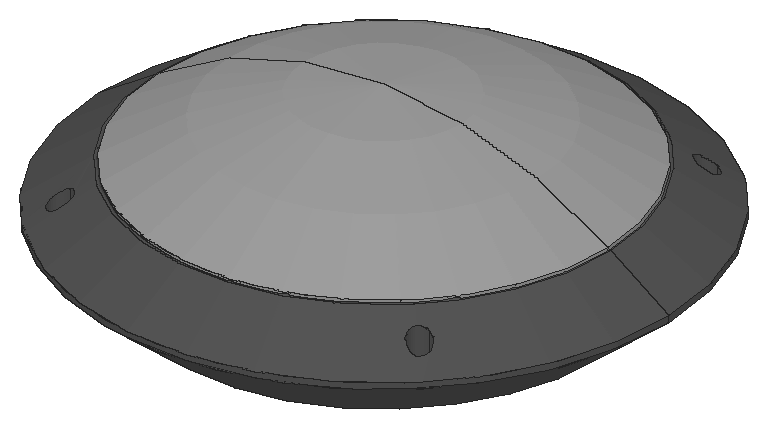
Revit family "0049285+0049342", category Lighting Fixtures, host Face, Revit 2017
Family settings
  Host = Face
  Round Connector Dimension = Use Diameter
  Part Type = Normal
  OmniClass Number = 23.80.70.00
  OmniClass Title = Lighting
  Cut with Voids When Loaded = No
  Light Source = Yes
  Shared = No
  Room Calculation Point = No
Parameters (values of type "0049285 START Surface IP66 1100lm 840 BLK")
  Weight = "4.68 kg"
  Wattage Comments = ""
  Wattage = 12 W
  WarrantyStartDate [instance] = "n/a"
  WarrantyGuarantorParts = "n/a"
  WarrantyDurationUnit = "n/a"
  WarrantyDurationParts = "n/a"
  WarrantyDescription = "n/a"
  built-in parameter 1150110 = 1 (stored number, unit not read)
  Voltage = 0 V
  URL = "http://www.sylvania-lighting.com"
  TypeName = "START Surface IP66 1100lm 840 IK10 BLK"
  Type Image = <None>
  Type Comments = "n/a"
  built-in parameter 1114217 = 1 (stored number, unit not read)
  Tilt Angle = -90.00°
  built-in parameter 1150109 = 1 (stored number, unit not read)
  built-in parameter 1150134 = 12
  built-in parameter 1150113 = 1 (stored number, unit not read)
  SerialNumber [instance] = "n/a"
  Photometric Web File = "0049285.ies"
  Material_3_SYL = LED-Sylvania-StartSurfaceIP66
  PowerFactor = 0
  PowerConsumption = "12 W"
  NominalLength = 300 mm
  NominalHeight = 90 mm
  NominalDepth = 300 mm
  Name = "START Surface IP66 1100lm 840 IK10 BLK"
  ModelReference = Name  # "START Surface IP66 1100lm 840 IK10 BLK"
  ModelNumber = "0049285"
  Model = Name  # "START Surface IP66 1100lm 840 IK10 BLK"
  Material = "pc polycarbonate housing, pc polycarbonate diffuser"
  ManufacturerName = "Feilo Sylvania"
  Manufacturer = "Feilo Sylvania"
  LuminousEfficacy = "92 lm/W"
  built-in parameter 1150105 = 87.854 (stored number, unit not read)
  Lumens = 1104 lm
  LuminaireType = ""
  built-in parameter 1150115 = 1 (stored number, unit not read)
  LightOutputRatio = "n/a"
  built-in parameter 1150137 = (empty or 0)
  built-in parameter 1150139 = (empty or 0)
  LampsType = Lamp  # "LED"
  LampNominalLuminous = "1100 lm"
  LampMacAdamStep = "n/a"
  LampColourTemperature = "4000 K"
  LampColourRenderingIndex = "80"
  built-in parameter 1150112 = 1 (stored number, unit not read)
  built-in parameter 1150114 = 1 (stored number, unit not read)
  Lamp = "LED"
  Keynote = "16500"
  InstallationDate [instance] = "n/a"
  InputVoltage = "220-240 V AC"
  InputNominalFrequency = "50/60 Hz"
  built-in parameter 1150132 = (empty or 0)
  built-in parameter 1150102 = (empty or 0)
  built-in parameter 1150107 = 4000 (stored number, unit not read)
  built-in parameter 1150138 = (empty or 0)
  IngressProtection = "IP66"
  ImpactProtectionIndex = "IK10"
  built-in parameter 1150106 = 0.87854 (stored number, unit not read)
  IfcExportType = "IfcLightFixtureType"
  IfcExportAs = "IfcLightFixtureType"
  HoleRad_SYL = 134 mm
  HoleHoleRad_SYL = 6 mm
  HoleAngle_SYL = 45.00°
  Eyelid_SYL = no
  ExpectedLife = 50000
  Emit from Circle Diameter = 200 mm
  Emit Shape Visible in Rendering = no
  ElectricShockClassification = "Class II"
  built-in parameter 1150104 = 8.5471 (stored number, unit not read)
  DurationUnit = "hours"
  DocumentationLiterature = "http://www.sylvania-lighting.com/product/en-int/products/0049285"
  DimmingControlOptions = "n/a"
  Material_2_SYL = Diffuser-Sylvania-StartSurfaceIP66
  Dimming Lamp Color Temperature Shift = <None>
  Description = "LED exterior surface mounted luminaire, 1100lm, 12W power consumption, 92lm/W efficacy, 4000K color temperature, CRI80, non-dimmable, IP66, IK10, 50,000 hours (L70), black housing, vandal resistant"
  Default Elevation = 1219.2 mm
  CreatedOn = "7/17/2019"
  CreatedBy = "@sylvania-lighting.com"
  Cost = 0
  Color Filter = 16777215
  built-in parameter 1114216 [instance] = (empty or 0)
  ClassificationValue = "EF_70_80"
  ClassificationName = "Uniclass2015"
  Material_1_SYL = Body-Sylvania-StartSurfaceIP66-Black
  BarCode [instance] = "n/a"
  built-in parameter 1114218 = 1 (stored number, unit not read)
  built-in parameter 1150133 = 10 (stored number, unit not read)
  AssetType = "Fixed"
  AssetIdentifier [instance] = "n/a"
  Assembly Code = "D5020200"
  Apparent Load = 12 VA
Types (2, lengths in mm): name | Photometric Web File | Eyelid_SYL
  0049285 START Surface IP66 1100lm 840 BLK | "0049285.ies" | no
  0049285+0049342 START Surface IP66 1100lm 840 BLK + Eyelid | "0049285+0049342.ies" | yes
Reference planes
  plane 1 "Center (Front/Back)": y = 0
  plane 2: z = 0
  plane 3 "Center (Left/Right)": x = 0
  plane 4: x = 150
  plane 5: x = -150
  plane 6: z = 90
  plane 7: z = 30
  plane 8: z = 54
  plane 9: x = -113
  plane 10: x = 113
  plane 11: x = -118
  plane 12: z = 33
  plane 13: z = 51
  plane 14: z = 87
  plane 15: z = 92
  plane 16: x = -148
  plane 17: y = -13
Forms (mm)
  Revolve 1, solid, material "Diffuser-Sylvania-StartSurfaceIP66" <- "Material_2_SYL"
    sketch origin (0, 0, 0) x (1, 0, 0) y (0, 0, 1)
      loop
        arc (0, 90) -> (-61.685, 80.8) -> (-118, 54) r 211.389
        line (-118, 54) -> (-118, 51) -> (-117.081, 51)
        arc (-117.081, 51) -> (-61.245, 77.797) -> (0, 87) r 208.389
        line (0, 87) -> (0, 90)
      axis (0, 90) -> (0, 51)
    angle from 360 to 0
  Revolve 2, solid, material "Body-Sylvania-StartSurfaceIP66-Black" <- "Material_1_SYL"
    sketch origin (0, 0, 0) x (1, 0, 0) y (0, 0, 1)
      loop
        line (0, 0) -> (0, 33) -> (-118, 33) -> (-118, 52.116)
        arc (-118, 52.116) -> (-118.529, 53.009) -> (-119.566, 52.973) r 1.017
        line (-119.566, 52.973) -> (-150, 33) -> (-150, 30) -> (-113, 0) -> (0, 0)
      axis (0, 52.973) -> (0, 0)
    angle from 360 to 0
  Extrusion 3, void
    sketch origin (-1534.635, -4572, 33) x (0, -1, 0) y (-1, 0, 0)
      loop
        circle (-4666.752, -1439.882) r 6
      loop
        circle (-4666.752, -1629.387) r 6
      loop
        circle (-4477.248, -1439.882) r 6
      loop
        circle (-4477.248, -1629.387) r 6
    from -18 to 0
  Revolve 4, solid, material "Body-Sylvania-StartSurfaceIP66-Black" <- "Material_1_SYL", visible <- "Eyelid_SYL"
    sketch origin (0, 0, 0) x (1, 0, 0) y (0, 0, 1)
      loop
        line (0, 90) -> (0, 92)
        arc (0, 92) -> (-79.423, 77.068) -> (-148, 34.313) r 218.694
        line (-148, 34.313) -> (-118, 54)
        arc (-118, 54) -> (-61.685, 80.8) -> (0, 90) r 211.389
      axis (0, 92) -> (0, 34.313)
    angle from 360 to 0
  Extrusion 5, void
    sketch origin (-1534.635, -4572, 33) x (0, -1, 0) y (-1, 0, 0)
      loop
        line (-4367.393, -1384.635) -> (-4559, -1384.635)
        arc (-4559, -1384.635) -> (-4572, -1534.635) -> (-4559, -1684.635) r 871.885
        line (-4559, -1684.635) -> (-4367.393, -1684.635) -> (-4367.393, -1384.635)
    from -82.978 to 19.568
Cuts and joins
  Extrusion 3 cuts Revolve 2
  Extrusion 3, Extrusion 5 cuts Revolve 4
Lines and regions (mm)
  reference lines
    curve 1: line (-150, 0, 33) -> (-118, 0, 54)
    curve 2: circle (0, 0, 0) r 134 normal (0, 0, 1)
    curve 3: line (0, 0, 0) -> (-94.752, 94.752, 0)
    curve 4: line (0, 0, 0) -> (94.752, 94.752, 0)
    curve 5: line (0, 0, 0) -> (-94.752, -94.752, 0)
    curve 6: line (0, 0, 0) -> (94.752, -94.752, 0)
Dimensions and locks
  locked: plane 6 to plane 2 at 90
  plane 8 to plane 7 to plane 2 = 24 mm locked, 30 mm locked
  equal spacing: plane 4, plane 3 "Center (Left/Right)", plane 5
  locked: plane 4 to plane 5 at 300
  equal spacing: plane 10, plane 3 "Center (Left/Right)", plane 9
  locked: plane 9 to plane 5 at 37
  locked: plane 9 to plane 11 at 5
  locked: plane 12 to plane 7 at 3
  locked: plane 8 to plane 13 at 3
  locked: plane 6 to plane 14 at 3
  locked: plane 15 to plane 6 at 2
  locked: plane 16 to plane 5 at 2
  locked: plane 17 to plane 1 "Center (Front/Back)" at 13
  "HoleRad_SYL": radius of curve 2
  "HoleHoleRad_SYL": radius of Extrusion 3 sketch curve  (x4)
  "HoleAngle_SYL": angle curve 3 to plane 1 "Center (Front/Back)"
  "HoleAngle_SYL": angle plane 1 "Center (Front/Back)" to curve 4
  "HoleAngle_SYL": angle plane 1 "Center (Front/Back)" to curve 5
  "HoleAngle_SYL": angle curve 6 to plane 1 "Center (Front/Back)"
  aligned and locked: plane 2 to host face
  aligned and locked: level to host face
  aligned and locked: plane 5 to curve 1
  aligned and locked: plane 11 to curve 1
  aligned and locked: Revolve 1 sketch curve to plane 3 "Center (Left/Right)"
  aligned and locked: curve 1 to Revolve 1 sketch curve
  aligned and locked: plane 6 to Revolve 1 sketch curve
  aligned and locked: plane 3 "Center (Left/Right)" to Revolve 1 sketch curve  (x2)
  aligned and locked: plane 11 to Revolve 1 sketch curve  (x2)
  aligned and locked: plane 13 to Revolve 1 sketch curve  (x2)
  aligned and locked: plane 14 to Revolve 1 sketch curve
  aligned and locked: Revolve 2 sketch curve to plane 3 "Center (Left/Right)"  (x2)
  aligned and locked: level to Revolve 2 sketch curve
  aligned and locked: plane 5 to Revolve 2 sketch curve
  aligned and locked: Revolve 2 sketch curve to curve 1
  aligned and locked: plane 3 "Center (Left/Right)" to curve 3
  aligned and locked: plane 13 to Extrusion 3
  aligned and locked: Extrusion 3 to plane 12
  aligned and locked: Revolve 2 sketch curve to plane 12
  aligned and locked: Revolve 4 sketch curve to plane 3 "Center (Left/Right)"  (x2)
  aligned and locked: Revolve 1 to Revolve 4 sketch curve
  aligned and locked: Revolve 4 sketch curve to curve 1
  aligned and locked: plane 11 to Revolve 4 sketch curve
  aligned and locked: plane 16 to Revolve 4 sketch curve
  aligned and locked: plane 15 to Revolve 4 sketch curve
  aligned and locked: plane 4 to Extrusion 5
  aligned and locked: Extrusion 5 to plane 5
  aligned and locked: plane 3 "Center (Left/Right)" to imposter light
  aligned and locked: imposter light to plane 1 "Center (Front/Back)"
  aligned and locked: plane 8 to imposter light
Automatic sketch dimensions
  host sketch curve to host sketch curve = 600 mm  (x2)
  curve 1 to plane 8 = 0 mm
  curve 1 to plane 12 = 0 mm
  Revolve 1 sketch curve to Revolve 1 sketch curve = 0 mm
  Revolve 1 sketch curve to Revolve 1 sketch curve = 488.211 mm
  Revolve 1 sketch curve to Revolve 1 sketch curve = 2519.058 mm
  plane 1 "Center (Front/Back)" to curve 2 = 0 mm
  curve 2 to plane 3 "Center (Left/Right)" = 0 mm
  plane 1 "Center (Front/Back)" to curve 4 = 0 mm
  Extrusion 3 sketch curve to plane 10 = 18.248 mm  (x2)
  Extrusion 3 sketch curve to plane 1 "Center (Front/Back)" = 94.752 mm  (x2)
  plane 9 to Extrusion 3 sketch curve = 18.248 mm  (x2)
  plane 1 "Center (Front/Back)" to Extrusion 3 sketch curve = 94.752 mm  (x2)
  Revolve 2 sketch curve to plane 9 = 0 mm
  Revolve 2 sketch curve to plane 7 = 0 mm
  Revolve 2 sketch curve to plane 8 = 1.027 mm
  Revolve 2 sketch curve to Revolve 2 sketch curve = 0.549 mm
  Revolve 2 sketch curve to level = 609.6 mm
  plane 6 to Revolve 2 sketch curve = 2519.058 mm
  Revolve 2 sketch curve to plane 11 = 0 mm
  Revolve 4 sketch curve to plane 6 = 0 mm
  Revolve 4 sketch curve to Revolve 4 sketch curve = 482.906 mm
  Revolve 4 sketch curve to Revolve 4 sketch curve = 2517.058 mm
  Extrusion 5 sketch curve to plane 5 = 0 mm
  Extrusion 5 sketch curve to plane 4 = 0 mm
  plane 17 to Extrusion 5 sketch curve = 191.607 mm
  Extrusion 5 sketch curve to Extrusion 5 sketch curve = 667.277 mm
  plane 17 to Extrusion 5 sketch curve = 0 mm  (x2)
Connectors
  electrical at (0, 0, 0), driven by "Apparent Load", driven by "PowerFactor", driven by "Voltage"
    settings: index 1, voltage 0 V, apparent load 12 VA, apparent load phase1 0 VA, apparent load phase2 0 VA, apparent load phase3 0 VA, power factor 0, load classification "Lighting", number of poles 1, system type 30, power factor state 1, is connector primary yes, connector utility no, sub classification motor no, connector description ""
